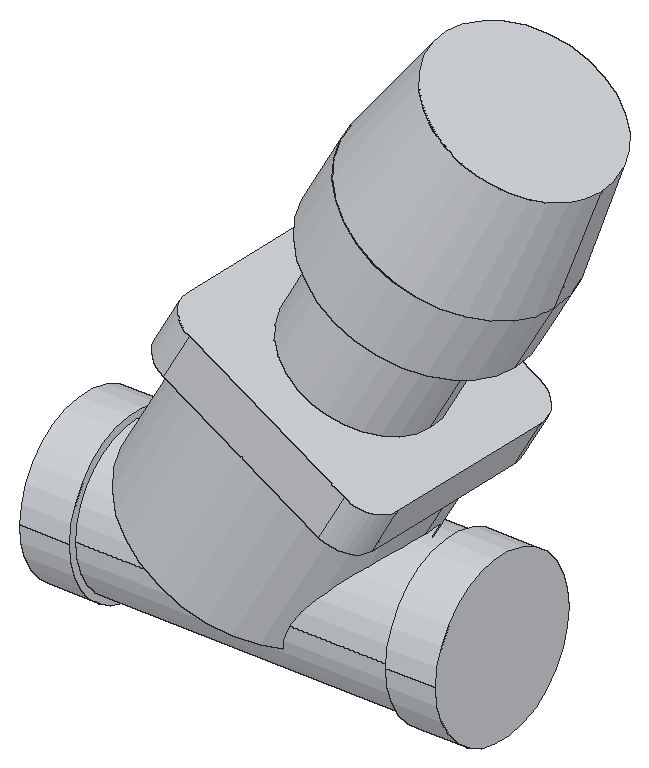
Revit family "OPTIMA_Compact_MM_DN15_2,5_RFA_2018", category Pipe Accessories, Revit 2018
Family settings
  Round Connector Dimension = Use Diameter
  Part Type = Valve - Breaks Into
  Work Plane-Based = No
  Always vertical = Yes
  Cut with Voids When Loaded = No
  Shared = No
Parameters (values of type "OPTIMA Compact DN15 M-M 2.5mm")
  magiProductId = "cf91b4957677408aaed6de7f8e707d"
  magiProductFamilyId = "78ecc78dd0e54fb5aa8a98aef7d402"
  magiPartTypeId = 304
  isMeasuringValve [instance] = no
  ang2D [instance] = 0.00°
  Z = 0 mm
  X = 7 mm
  W2D = 32 mm
  VersionID = "2.0/2018.8.28.1/FRESE_OPTIMA-COMPACT-MM_001"
  Use Minimum Symbol Size [instance] = yes
  URL = "www.hydronix.cz"
  Type Comments = "vnější závit; PN25; 0~120°C, bez měřicích vsuvek"
  R9 = 8 mm
  R8 = 14 mm
  R7 = 17 mm
  R6 = 12 mm
  R5 = 5 mm
  R4 = 19 mm
  R3 = 19 mm
  R2 = 12 mm
  R1 = 13 mm
  QmdConnectorList = "301;D;302;D"
  Productdata [instance] = ""
  PLG0 = no
  Manufacturer = "Hydronix"
  MC Product Code = "53-1304  (3/4\" M-M; 2.5mm; Qmin-dpmin 100l/h-14.9kPa; Qmax-dpmin 575l/h-18.5kPa; dpmax 800kPa)"
  MC Piping Given Pressure Drop [instance] = 0.0 Pa
  LL = 32.5 mm
  L3 = 11 mm
  L2D_Min = 3048 mm
  L2D = 104 mm
  L2 = 49.4 mm
  L1__ve = -L1  # -7.8 mm
  L1 = 7.8 mm
  H6__ve = -H6  # -55 mm
  H6 = 55 mm
  H5 = 20 mm
  H4 = 12 mm
  H3 = 18 mm
  H2 = 8 mm
  H1 = 26 mm
  Description = "Tlakově nezávislý 2-cestný regulační vyvažovací ventil (PICV)"
  D = 15 mm
  A = 30.00°
Types (8, lengths in mm): name | magiProductId | Z | X | R4 | R3 | R2 | R1 | MC Product Code | LL | L3 | L2 | L1__ve | L1 | H6__ve | H6 | H5 | H3 | H2 | H1 | D
  OPTIMA Compact DN32 M-M 5.5mm | "9229f6b2647a4beea29cfed7a0464e" | 1 | 13 | 29 | 31.5 | 22 | 24 | "53-1314  (6/4\" M-M; 5.5mm; Qmin-dpmin 550l/h-17.9kPa; Qmax-dpmin 4001l/h-28.0kPa; dpmax 800kPa)" | 52 | 12.5 | 79.04 | -12.48 | 12.48 | -66 | 66 | 20 | 16 | 10 | 46 | 32
  OPTIMA Compact DN15 M-M 2.5mm | "cf91b4957677408aaed6de7f8e707d" | 0 | 7 | 19 | 19 | 12 | 13 | "53-1304  (3/4\" M-M; 2.5mm; Qmin-dpmin 100l/h-14.9kPa; Qmax-dpmin 575l/h-18.5kPa; dpmax 800kPa)" | 32.5 | 11 | 49.4 | -7.8 | 7.8 | -55 | 55 | 20 | 18 | 8 | 26 | 15
  OPTIMA Compact DN15 M-M 5.0mm | "3da7abe28dc3494da6d3a7ef2edb11" | 0 | 7 | 19 | 19 | 12 | 13 | "53-1305  (3/4\" M-M; 5.0mm; Qmin-dpmin 220l/h-16.0kPa; Qmax-dpmin 1330l/h-21.6kPa; dpmax 800kPa)" | 32.5 | 11 | 49.4 | -7.8 | 7.8 | -55 | 55 | 20 | 18 | 8 | 26 | 15
  OPTIMA Compact DN20 M-M 5.0mm | "dbf1ea5749af4e6bb74c096f7a23b2" | 0 | 10 | 19 | 19 | 13.5 | 16.5 | "53-1308  (1\" M-M; 5.0mm; Qmin-dpmin 220l/h-16.0kPa; Qmax-dpmin 1330l/h-21.6kPa; dpmax 800kPa)" | 35 | 11 | 53.2 | -8.4 | 8.4 | -58.5 | 58.5 | 20 | 18 | 8 | 26 | 20
  OPTIMA Compact DN20 M-M 5.5mm | "a40c776a67e54a899e920652842cb9" | 0 | 10 | 19 | 19 | 13.5 | 16.5 | "53-1311  (1\" M-M; 5.5mm; Qmin-dpmin 300l/h-17.8kPa; Qmax-dpmin 1800l/h-40.0kPa; dpmax 800kPa)" | 35 | 11 | 53.2 | -8.4 | 8.4 | -58.5 | 58.5 | 20 | 18 | 8 | 26 | 20
  OPTIMA Compact DN25 M-M 5.5mm | "c9531e40f709430d814b4200686e37" | 0 | 13 | 29 | 31.5 | 18.5 | 21 | "53-1313  (5/4\" M-M; 5.5mm; Qmin-dpmin 600l/h-17.3kPa; Qmax-dpmin 3609l/h-23.0kPa; dpmax 800kPa)" | 52 | 12.5 | 79.04 | -12.48 | 12.48 | -63 | 63 | 20 | 16 | 10 | 43 | 25
  OPTIMA Compact DN10 M-M 2.5mm | "719160033de540c9acf49957212ec3" | 0 | 7 | 19 | 19 | 9 | 10.5 | "53-1300  (1/2\" M-M; 2.5mm; Qmin-dpmin 30l/h-14.3kPa; Qmax-dpmin 200l/h-15.8kPa; dpmax 800kPa)" | 32.5 | 11 | 49.4 | -7.8 | 7.8 | -52.5 | 52.5 | 17 | 18 | 8 | 30 | 10
  OPTIMA Compact DN10 M-M 5.0mm | "5a6cfbbfc7584f5c989f475761ae24" | 0 | 7 | 19 | 19 | 9 | 10.5 | "53-1309  (1/2\" M-M; 5.0mm; Qmin-dpmin 65l/h-14.6kPa; Qmax-dpmin 370l/h-17.2kPa; dpmax 800kPa)" | 32.5 | 11 | 49.4 | -7.8 | 7.8 | -52.5 | 52.5 | 17 | 18 | 8 | 30 | 10
Reference planes
  plane 1 "Center (Front/Back)": y = 0
  plane 2 "XYPLANE": z = 0
  plane 3 "Center (Left/Right)": x = 0
  plane 4 "267": x = 11
  plane 5 "266": x = -11
  plane 6 "252": through (-607.519, 0, 447.746) normal (0.5, 0, 0.866)
  plane 7 "250": through (-617.519, 0, 430.426) normal (0.5, 0, 0.866)
  plane 8 "248": through (-623.519, 0, 420.033) normal (0.5, 0, 0.866)
  plane 9 "245": through (-632.519, 0, 404.445) normal (0.5, 0, 0.866)
  plane 10 "241": through (352.483, 0, 662.519) normal (0.866, 0, -0.5)
  plane 11 "240": through (385.392, 0, 643.519) normal (0.866, 0, -0.5)
  plane 12 "239": y = -19
  plane 13 "238": y = 19
  plane 14 "237": through (-636.519, 0, 397.517) normal (0.5, 0, 0.866)
  plane 15 "235": through (-649.519, 0, 375) normal (0.5, 0, 0.866)
  plane 16 "231": y = 0
  plane 17 "230": through (368.938, 0, 653.019) normal (0.866, 0, -0.5)
  plane 18 "211": x = -24.7
  plane 19 "204": x = 32.5
  plane 20 "203": x = -32.5
  plane 21 "202": x = 0
  plane 22 "201": z = 0
  plane 23 "200": y = 0
  plane 24 "227XY": through (-649.519, 0, 375) normal (0.5, 0, 0.866)
  plane 25 "227XZ": y = 0
  plane 26 "227YZ": through (375, 0, 649.519) normal (0.866, 0, -0.5)
Forms (mm)
  Extrusion 1, solid, visible <- "PLG0"
    sketch origin (-750, 0, 0) x (1, 0, 0) y (0, 1, 0)
      loop
        circle (761, 0) r 8
    from 0 to -55 <- "H6__ve"
  Extrusion 2, solid, visible <- "PLG0"
    sketch origin (-750, 0, 0) x (1, 0, 0) y (0, 1, 0)
      loop
        circle (739, 0) r 8
    from 0 to -55 <- "H6__ve"
  Blend 3, solid
    base sketch origin (-617.519, 0, 430.426) x (0.866025, 0, -0.5) y (0, 1, 0)
      loop
        circle (743, 0) r 17
    top sketch origin (-617.519, 0, 430.426) x (0.866025, 0, -0.5) y (0, 1, 0)
      loop
        circle (743, 0) r 14
    from 0 to 20
  Extrusion 4, solid
    sketch origin (-623.519, 0, 420.033) x (0.866025, 0, -0.5) y (0, 1, 0)
      loop
        circle (743, 0) r 17
    from 0 to 12 <- "H4"
  Extrusion 5, solid
    sketch origin (-632.519, 0, 404.445) x (0.866025, 0, -0.5) y (0, 1, 0)
      loop
        circle (743, 0) r 12
    from 0 to 18 <- "H3"
  Extrusion 6, solid
    sketch origin (-636.519, 0, 397.517) x (0.866025, 0, -0.5) y (0, 1, 0)
      loop
        arc (729, 19) -> (725.464, 17.536) -> (724, 14) r 5
        line (724, 14) -> (724, -14)
        arc (724, -14) -> (725.464, -17.536) -> (729, -19) r 5
        line (729, -19) -> (757, -19)
        arc (757, -19) -> (760.536, -17.536) -> (762, -14) r 5
        line (762, -14) -> (762, 14)
        arc (762, 14) -> (760.536, 17.536) -> (757, 19) r 5
        line (757, 19) -> (729, 19)
    from 0 to 8 <- "H2"
  Extrusion 7, solid
    sketch origin (-649.519, 0, 375) x (0.866025, 0, -0.5) y (0, 1, 0)
      loop
        circle (743, 0) r 19
    from 0 to 26 <- "H1"
  Extrusion 8, solid
    sketch origin (-24.7, -750, 0) x (0, 1, 0) y (0, 0, 1)
      loop
        circle (750, 0) r 12
    from 0 to 49.4 <- "L2"
  Extrusion 9, solid
    sketch origin (32.5, -750, 0) x (0, 1, 0) y (0, 0, 1)
      loop
        circle (750, 0) r 13
    from 0 to -7.8 <- "L1__ve"
  Extrusion 10, solid
    sketch origin (-32.5, -750, 0) x (0, 1, 0) y (0, 0, 1)
      loop
        circle (750, 0) r 13
    from 0 to 7.8 <- "L1"
  Extrusion 11, solid, not visible
    sketch origin (32.5, -750, 0) x (0, 1, 0) y (0, 0, 1)
      loop
        circle (750, 0) r 10
    from 0 to -10
  Extrusion 12, solid, not visible
    sketch origin (-32.5, -750, 0) x (0, 1, 0) y (0, 0, 1)
      loop
        circle (750, 0) r 10
    from 0 to 10
Lines and regions (mm)
  reference lines, not visible
    curve 1: circle (2, 2, 0) r 1 normal (0, 0, 1)
Dimensions and locks
  plane 1 "Center (Front/Back)" to curve 1 = 2 mm
  "L3": plane 3 "Center (Left/Right)" to plane 4 "267"
  "L3": plane 3 "Center (Left/Right)" to plane 5 "266"
  "H5": plane 7 "250" to plane 6 "252"
  "H4": plane 8 "248" to plane 7 "250"
  "H3": plane 9 "245" to plane 8 "248"
  "H2": plane 14 "237" to plane 9 "245"
  "R4": plane 17 "230" to plane 10 "241"
  "R4": plane 17 "230" to plane 11 "240"
  "R4": plane 23 "200" to plane 12 "239"
  "R4": plane 23 "200" to plane 13 "238"
  "H1": plane 15 "235" to plane 14 "237"
  "Z": plane 24 "227XY" to plane 15 "235"
  locked: plane 23 "200" to plane 16 "231"
  "X": plane 26 "227YZ" to plane 17 "230"
  "L1": plane 20 "203" to plane 18 "211"
  "LL": plane 3 "Center (Left/Right)" to plane 19 "204"
  "LL": plane 3 "Center (Left/Right)" to plane 20 "203"
  locked: plane 3 "Center (Left/Right)" to plane 21 "202"
  locked: plane 2 "XYPLANE" to plane 22 "201"
  locked: plane 1 "Center (Front/Back)" to plane 23 "200"
  Extrusion 6 sketch curve to Extrusion 6 sketch curve = 0 mm  (x16)
  "R9": radius of Extrusion 1 sketch curve
  "R9": radius of Extrusion 2 sketch curve
  "R8": radius of Blend 3 sketch curve
  "R7": radius of Blend 3 sketch curve
  "R7": radius of Extrusion 4 sketch curve
  "R6": radius of Extrusion 5 sketch curve
  "R5": radius of Extrusion 6 sketch curve  (x4)
  "R3": radius of Extrusion 7 sketch curve
  "R2": radius of Extrusion 8 sketch curve
  "R1": radius of Extrusion 9 sketch curve
  "R1": radius of Extrusion 10 sketch curve
  aligned and locked: level to plane 2 "XYPLANE"
  aligned and locked: plane 4 "267" to Extrusion 1 sketch curve
  aligned and locked: plane 23 "200" to Extrusion 1 sketch curve
  aligned and locked: plane 5 "266" to Extrusion 2 sketch curve
  aligned and locked: plane 23 "200" to Extrusion 2 sketch curve
  aligned and locked: plane 16 "231" to Blend 3 sketch curve  (x2)
  aligned and locked: Blend 3 sketch curve to plane 17 "230"  (x2)
  aligned and locked: plane 6 "252" to Blend 3
  aligned and locked: plane 16 "231" to Extrusion 4 sketch curve
  aligned and locked: Extrusion 4 sketch curve to plane 17 "230"
  aligned and locked: plane 16 "231" to Extrusion 5 sketch curve
  aligned and locked: Extrusion 5 sketch curve to plane 17 "230"
  aligned and locked: Extrusion 6 sketch curve to plane 10 "241"
  aligned and locked: Extrusion 6 sketch curve to plane 12 "239"
  aligned and locked: Extrusion 6 sketch curve to plane 11 "240"
  aligned and locked: plane 13 "238" to Extrusion 6 sketch curve
  aligned and locked: plane 16 "231" to Extrusion 7 sketch curve
  aligned and locked: Extrusion 7 sketch curve to plane 17 "230"
  aligned and locked: plane 22 "201" to Extrusion 8 sketch curve
  aligned and locked: Extrusion 8 sketch curve to plane 23 "200"
  aligned and locked: plane 22 "201" to Extrusion 9 sketch curve
  aligned and locked: Extrusion 9 sketch curve to plane 23 "200"
  aligned and locked: plane 22 "201" to Extrusion 10 sketch curve
  aligned and locked: Extrusion 10 sketch curve to plane 23 "200"
  aligned and locked: plane 22 "201" to Extrusion 11 sketch curve
  aligned and locked: Extrusion 11 sketch curve to plane 23 "200"
  aligned and locked: plane 22 "201" to Extrusion 12 sketch curve
  aligned and locked: Extrusion 12 sketch curve to plane 23 "200"
Automatic sketch dimensions
  plane 1 "Center (Front/Back)" to Extrusion 11 sketch curve = 10 mm
  plane 1 "Center (Front/Back)" to Extrusion 12 sketch curve = 10 mm
  plane 3 "Center (Left/Right)" to curve 1 = 2 mm
  radius of curve 1 = 1 mm
Connectors
  piping at (-32.5, 0, 0), diameter 15, driven by "D"
    settings: on Extrusion 12, index 1, connector inside diameter 609.6 mm, connector length 0 mm, flow factor 0, pipe flow 0.0 L/s, pressure drop 0.0 Pa, fitting loss kfactor 0, connector angle 0.00°, fixture units 0, engagement length 0 mm, angle of deflection 0.00°, flow configuration 0, flow direction 0, fitting loss method 0, system type 29, joint type 0, gender type 0, connector reference index 2, connector utility 0, adjustable connector no, is connector primary yes, connector description ""
  piping at (32.5, 0, 0), diameter 15, driven by "D"
    settings: on Extrusion 11, index 2, connector inside diameter 609.6 mm, connector length 0 mm, flow factor 0, pipe flow 0.0 L/s, pressure drop 0.0 Pa, fitting loss kfactor 0, connector angle 0.00°, fixture units 0, engagement length 0 mm, angle of deflection 0.00°, flow configuration 0, flow direction 0, fitting loss method 0, system type 29, joint type 0, gender type 0, connector reference index 1, connector utility 0, adjustable connector no, is connector primary no, connector description ""
